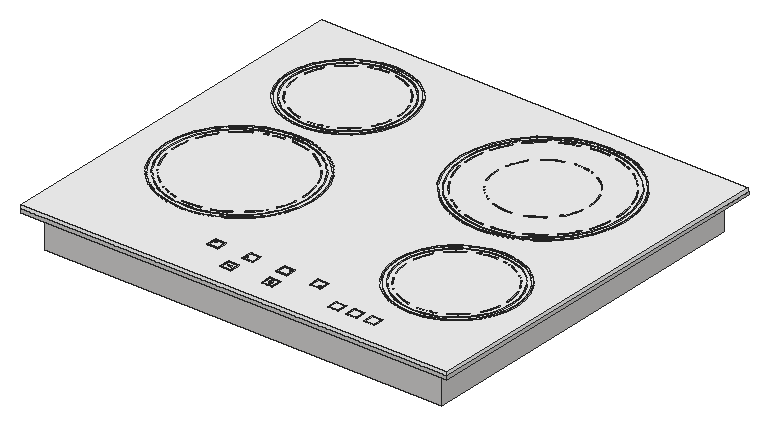
Revit family "QF_Summit_CR4B23T6W_4-Burner Radiant Cooktop", category Specialty Equipment, Revit 2020 (continued)
Automatic sketch dimensions
  curve 152 to curve 152 = 0.02719"
  curve 144 to curve 144 = 0.02706"
  curve 215 to curve 214 = 0.02543"
  curve 166 to plane 8 "Center X" = 0.12675"
  curve 168 to curve 166 = 0.45039"
  curve 166 to plane 8 "Center X" = 0.14529"
  curve 167 to curve 166 = 0.02516"
  curve 151 to curve 108 = 0.26321"
  curve 108 to curve 108 = 0.02389"
  plane 8 "Center X" to curve 172 = 0.23731"
  curve 165 to curve 172 = 0.28343"
  plane 8 "Center X" to curve 172 = 0.21522"
  curve 171 to curve 172 = 0.0221"
  curve 143 to curve 142 = 0.58664"
  curve 141 to curve 142 = 0.02218"  (x2)
  curve 213 to curve 216 = 0.71941"
  curve 215 to curve 216 = 0.01878"
  curve 143 to curve 140 = 0.37561"
  plane 12 to curve 106 = 1.466"
  curve 108 to curve 106 = 23/32"
  curve 137 to curve 140 = 0.01557"
  plane 12 to curve 106 = 1.49317"
  curve 106 to curve 106 = 0.01545"
  curve 213 to curve 210 = 0.35424"
  plane 8 "Center X" to curve 170 = 0.84417"
  curve 172 to curve 170 = 0.76462"
  curve 211 to curve 210 = 0.01545"
  plane 8 "Center X" to curve 170 = 0.81696"
  plane 12 to curve 112 = 1.28316"
  curve 105 to curve 112 = 0.37419"
  plane 12 to curve 112 = 1.3124"
  curve 111 to curve 112 = 0.01102"
  plane 8 "Center X" to curve 176 = 1.0621"
  curve 169 to curve 176 = 0.44547"
  plane 8 "Center X" to curve 176 = 1.03295"
  curve 175 to curve 176 = 0.01127"
  curve 139 to curve 138 = 0.8663"
  curve 137 to curve 138 = 0.00555"
  curve 209 to curve 212 = 0.92725"
  curve 211 to curve 212 = 0.00703"
  curve 108 to curve 151 = 2.07823"
  curve 112 to curve 110 = 0.99423"
  curve 139 to curve 136 = 0.52607"
  curve 209 to curve 206 = 0.45775"
  curve 207 to curve 206 = 0.00288"
  plane 8 "Center X" to curve 174 = 1.28287"
  curve 173 to curve 174 = 0.93114"
  plane 8 "Center X" to curve 174 = 1.25175"
  plane 12 to curve 116 = 1.17389"
  curve 109 to curve 116 = 0.40665"
  plane 12 to curve 116 = 1.14305"
  curve 113 to curve 116 = 0.00508"
  plane 8 "Center X" to curve 180 = 1.2638"
  curve 173 to curve 180 = 0.44627"
  plane 8 "Center X" to curve 180 = 1.29503"
  curve 180 to curve 180 = 0.00117"
  plane 8 "Center X" to curve 134 = 3.2295"
  curve 135 to curve 134 = 0.92874"
  curve 134 to curve 134 = 0.01117"
  curve 205 to curve 208 = 0.97504"
  curve 208 to curve 208 = 0.0059"
  plane 8 "Center X" to curve 132 = 3.40257"
  curve 135 to curve 132 = 0.36727"
  plane 8 "Center X" to curve 132 = 3.37537"
  curve 132 to curve 132 = 0.01539"
  plane 12 to curve 114 = 1.52189"
  curve 116 to curve 114 = 0.9513"
  plane 12 to curve 114 = 1.49506"
  curve 205 to curve 202 = 0.42312"
  curve 202 to curve 202 = 0.00972"
  plane 8 "Center X" to curve 178 = 1.08198"
  plane 8 "Center X" to curve 178 = 1.11157"
  plane 12 to curve 120 = 1.75564"
  curve 114 to curve 120 = 0.3324"
  plane 12 to curve 120 = 1.73344"
  curve 117 to curve 120 = 0.0222"
  plane 8 "Center X" to curve 184 = 239/256"
  curve 177 to curve 184 = 0.36677"
  plane 8 "Center X" to curve 184 = 0.96184"
  curve 181 to curve 184 = 0.01335"
  plane 8 "Center X" to curve 130 = 4.02179"
  plane 8 "Center X" to curve 130 = 3.99961"
  plane 12 to curve 118 = 2.5023"
  curve 131 to curve 128 = 0.28038"
  plane 12 to curve 118 = 2.48674"
  curve 128 to curve 128 = 0.02717"
  curve 201 to curve 204 = 0.86846"
  curve 201 to curve 204 = 0.01754"
  curve 118 to curve 124 = 0.17875"
  curve 124 to curve 124 = 0.02915"
  curve 127 to curve 126 = 0.31792"
  curve 126 to curve 126 = 0.03082"
  curve 127 to curve 122 = 0.03692"
  curve 122 to curve 122 = 1/32"
  curve 201 to curve 198 = 0.38138"
  curve 198 to curve 198 = 0.02212"  (x2)
  plane 8 "Center X" to curve 182 = 0.33864"
  plane 8 "Center X" to curve 182 = 0.36075"
  plane 8 "Center X" to curve 188 = 0.02885"
  curve 181 to curve 188 = 0.2947"
  plane 8 "Center X" to curve 188 = 0.04895"
  curve 185 to curve 188 = 0.02393"
  curve 204 to curve 3 = 0.89342"
  curve 2 to curve 5 = 1/32"
  curve 197 to curve 200 = 0.63359"
  curve 5 to curve 10 = 0.09103"
  curve 197 to curve 200 = 0.02668"
  curve 197 to curve 194 = 0.20872"
  curve 186 to plane 8 "Center X" = 0.82369"
  curve 193 to curve 194 = 0.02856"
  curve 186 to plane 8 "Center X" = 0.81127"
  curve 192 to plane 8 "Center X" = 1.14806"
  curve 185 to curve 192 = 0.12166"
  curve 192 to plane 8 "Center X" = 1.13856"
  curve 189 to curve 192 = 0.02977"
  curve 7 to curve 7 = 0.51169"
  curve 5 to curve 2 = 1/32"
  curve 193 to curve 196 = 0.26761"
  curve 193 to curve 190 = 0.03036"
  curve 193 to curve 196 = 0.03098"
  plane 13 to curve 22 = 0.51456"
  curve 1 to curve 22 = 1.04864"
  curve 22 to curve 25 = 1/32"  (x2)
  curve 25 to curve 30 = 0.15631"
  curve 21 to curve 11 = 0.27055"
  curve 11 to curve 18 = 1/32"  (x2)
  curve 30 to curve 32 = 0.19906"
  curve 15 to curve 20 = 0.09103"
  curve 31 to curve 28 = 0.15631"
  curve 27 to curve 23 = 1/32"
  curve 20 to curve 17 = 0.42066"
  curve 17 to curve 13 = 1/32"
  plane 7 "Center Y" to curve 33 = 0.47624"
  curve 33 to curve 37 = 1/32"
  curve 34 to curve 56 = 0.1233"
  curve 53 to curve 60 = 1/32"
  curve 57 to curve 72 = 0.15631"
  plane 7 "Center Y" to curve 266 = 0.80694"
  curve 266 to curve 266 = 0.0313"
  curve 61 to curve 62 = 0.07379"
  curve 71 to curve 70 = 0.07379"
  curve 267 to curve 272 = 0.0255"
  plane 7 "Center Y" to curve 268 = 0.88165"
  curve 272 to curve 272 = 0.03076"
  curve 268 to curve 268 = 0.03062"
  curve 70 to curve 67 = 0.05148"
  curve 62 to curve 63 = 0.05148"
  curve 37 to curve 42 = 0.42066"
  curve 67 to curve 67 = 0.07379"
  curve 268 to curve 262 = 0.07411"
  curve 262 to curve 262 = 0.02981"
  curve 42 to curve 38 = 0.09103"
  curve 38 to curve 33 = 1/32"  (x2)
  curve 68 to curve 58 = 0.2301"
  curve 271 to curve 270 = 0.27578"
  curve 58 to curve 55 = 1/32"
  curve 270 to curve 270 = 0.02839"
  curve 271 to curve 276 = 0.16672"
  curve 276 to curve 276 = 0.02689"
  curve 262 to curve 264 = 0.41422"
  curve 261 to curve 264 = 0.02639"
  curve 263 to curve 258 = 0.21971"
  curve 258 to curve 258 = 0.02449"
  curve 274 to plane 14 = 0.78734"
  curve 273 to curve 274 = 0.0221"  (x2)
  curve 43 to plane 14 = 0.50049"
  curve 300 to plane 14 = 0.48479"
  curve 43 to curve 47 = 1/32"
  curve 297 to curve 300 = 1/32"
  curve 294 to plane 14 = 0.4298"
  curve 280 to plane 14 = 0.40366"
  curve 294 to curve 294 = 0.03056"
  curve 280 to curve 280 = 0.02231"
  curve 260 to plane 14 = 0.38011"
  curve 257 to curve 260 = 0.02234"
  curve 298 to plane 14 = 0.29817"
  curve 298 to curve 298 = 0.02893"
  curve 51 to plane 14 = 0.04858"
  curve 304 to plane 14 = 0.02306"
  plane 14 to curve 304 = 0.00246"
  plane 14 to curve 296 = 0.01706"
  curve 293 to curve 296 = 0.02503"
  plane 14 to curve 50 = 0.04245"
  plane 14 to curve 254 = 0.06051"
  curve 48 to curve 46 = 1/32"
  curve 253 to curve 254 = 0.01525"
  plane 14 to curve 330 = 0.37752"
  curve 330 to curve 330 = 0.02215"
  plane 14 to curve 278 = 0.4584"
  curve 277 to curve 278 = 0.01218"
  plane 14 to curve 302 = 0.78047"
  curve 302 to curve 302 = 0.01557"
  curve 279 to curve 284 = 0.42076"
  curve 281 to curve 284 = 0.00884"
  plane 14 to curve 256 = 0.98175"
  curve 256 to curve 256 = 0.00815"
  curve 303 to curve 308 = 0.444"
  curve 308 to curve 308 = 0.00988"
  plane 14 to curve 73 = 1.28703"
  curve 330 to curve 332 = 0.90111"
  curve 329 to curve 332 = 0.00913"
  curve 73 to curve 77 = 1/32"
  curve 255 to curve 250 = 0.44633"
  curve 250 to curve 250 = 0.00464"
  plane 14 to curve 388 = 1.5328"
  curve 385 to curve 388 = 1/32"
  curve 388 to curve 344 = 0.00591"
  curve 344 to curve 344 = 0.03082"
  curve 387 to curve 386 = 0.13745"
  curve 386 to curve 386 = 0.02933"
  curve 331 to curve 328 = 0.46961"
  curve 325 to curve 328 = 0.0032"
  curve 77 to curve 80 = 0.51169"
  curve 78 to curve 76 = 1/32"
  curve 344 to curve 342 = 0.28895"
  curve 387 to curve 384 = 0.16974"
  curve 343 to curve 342 = 0.02719"
  curve 381 to curve 384 = 0.02706"
  curve 283 to curve 282 = 1.07075"
  plane 14 to curve 263 = 2.03748"
  curve 341 to curve 348 = 0.26321"
  curve 347 to curve 348 = 0.02389"
  curve 74 to curve 82 = 0.42602"
  curve 81 to curve 85 = 1/32"  (x2)
  curve 307 to curve 306 = 1.0758"
  curve 307 to curve 306 = 0.00362"
  plane 8 "Center X" to curve 288 = 0.73938"
  curve 283 to curve 288 = 0.42462"
  plane 8 "Center X" to curve 288 = 0.70825"
  curve 287 to curve 288 = 0.00278"
  plane 12 to curve 252 = 0.88589"
  curve 250 to curve 252 = 1.01449"
  plane 12 to curve 252 = 0.85481"
  curve 251 to curve 252 = 0.00325"
  curve 383 to curve 382 = 0.58664"
  curve 381 to curve 382 = 0.02218"  (x2)
  curve 327 to curve 326 = 1.03588"
  curve 327 to curve 326 = 0.0098"
  curve 85 to curve 88 = 0.51169"
  curve 86 to curve 83 = 1/32"
  plane 12 to curve 246 = 0.95195"
  curve 251 to curve 246 = 0.41779"
  curve 307 to curve 312 = 0.55362"
  plane 12 to curve 246 = 0.92139"
  curve 246 to curve 246 = 0.0065"
  curve 311 to curve 312 = 0.01326"
  curve 383 to curve 380 = 0.37561"
  curve 346 to plane 8 "Center X" = 1.55025"
  curve 348 to curve 346 = 23/32"
  curve 377 to curve 380 = 0.01557"
  curve 346 to plane 8 "Center X" = 1.57741"
  curve 346 to curve 346 = 0.01545"
  curve 327 to curve 322 = 0.43582"
  curve 82 to curve 90 = 0.3994"
  curve 322 to curve 322 = 0.01526"
  curve 89 to curve 93 = 1/32"  (x2)
  curve 352 to plane 8 "Center X" = 1.3674"
  curve 345 to curve 352 = 0.37419"
  curve 352 to plane 8 "Center X" = 1.39665"
  curve 352 to curve 352 = 0.01102"
  plane 8 "Center X" to curve 286 = 0.97947"
  curve 287 to curve 286 = 1.05353"
  plane 8 "Center X" to curve 286 = 0.95021"
  curve 311 to curve 310 = 0.85034"
  curve 311 to curve 310 = 0.02211"
  curve 379 to curve 378 = 0.8663"
  curve 377 to curve 378 = 0.00555"
  curve 93 to curve 95 = 0.51169"
  plane 8 "Center X" to curve 292 = 1.14413"
  curve 287 to curve 292 = 0.37855"
  curve 95 to curve 90 = 1/32"
  plane 8 "Center X" to curve 292 = 1.11615"
  curve 292 to curve 292 = 0.01392"
  plane 12 to curve 248 = 1.3002"
  plane 12 to curve 248 = 1.27234"
  curve 322 to curve 324 = 0.79708"
  curve 324 to curve 324 = 0.02526"
  curve 311 to curve 316 = 0.34754"
  curve 316 to curve 316 = 0.02243"  (x2)
  plane 12 to curve 242 = 1.50739"
  curve 248 to curve 242 = 0.36026"
  plane 12 to curve 242 = 1.48114"
  curve 242 to curve 242 = 0.01696"
  curve 382 to curve 377 = 1.74579"
  curve 323 to curve 318 = 0.24832"
  curve 352 to curve 350 = 0.99423"
  curve 379 to curve 376 = 0.52607"
  curve 318 to curve 318 = 0.02838"
  curve 315 to curve 314 = 0.42088"
  curve 315 to curve 320 = 0.03038"
  curve 314 to curve 314 = 0.03086"
  curve 320 to curve 320 = 1/32"
  plane 8 "Center X" to curve 290 = 1.73443"
  curve 356 to plane 8 "Center X" = 1.25813"
  curve 349 to curve 356 = 0.40665"
  plane 8 "Center X" to curve 290 = 1.71229"
  curve 356 to plane 8 "Center X" = 1.2273"
  curve 356 to curve 356 = 0.00508"
  plane 12 to curve 244 = 2.19077"
  plane 12 to curve 244 = 2.16865"
  curve 375 to curve 374 = 0.92874"
  curve 374 to curve 374 = 0.01117"
  curve 244 to curve 238 = 0.2889"
  curve 238 to curve 238 = 0.02545"
  curve 375 to curve 372 = 0.36727"
  curve 372 to curve 372 = 0.01539"
  curve 354 to plane 8 "Center X" = 1.60614"
  curve 356 to curve 354 = 0.9513"
  curve 354 to plane 8 "Center X" = 1.5793"
  curve 314 to curve 232 = 1.25138"
  curve 232 to curve 232 = 0.0291"
  curve 238 to curve 240 = 0.52169"
  curve 240 to curve 240 = 0.02951"
  curve 240 to curve 234 = 0.09098"
  curve 234 to curve 234 = 0.03021"
  curve 353 to curve 358 = 0.3324"
  curve 358 to curve 358 = 0.0222"
  curve 231 to curve 230 = 0.24989"
  curve 231 to curve 236 = 0.02592"
  curve 230 to curve 230 = 0.03105"
  curve 235 to curve 236 = 1/32"
  curve 371 to curve 370 = 0.74406"
  curve 370 to curve 370 = 0.02218"
  curve 358 to curve 360 = 0.63177"
  curve 371 to curve 368 = 0.28038"
  curve 360 to curve 360 = 0.0271"
  curve 367 to curve 368 = 0.02717"
  curve 359 to curve 362 = 0.17875"
  curve 362 to curve 362 = 0.02915"
  curve 367 to curve 366 = 0.31792"
  curve 366 to curve 366 = 0.03082"
  curve 367 to curve 364 = 0.03692"
  curve 364 to curve 364 = 1/32"
  plane 13 to curve 53 = 0.51456"
  curve 53 to curve 57 = 1/32"
  plane 13 to curve 90 = 0.63175"
  plane 13 to curve 73 = 0.63175"
  curve 83 to curve 89 = 0"
  curve 74 to curve 80 = 1/32"
  curve 59 to curve 63 = 0.15718"
  curve 62 to curve 72 = 0.07379"
  curve 61 to curve 64 = 0"
  curve 25 to curve 31 = 0.23097"
  curve 31 to curve 29 = 0.05148"
  curve 64 to curve 68 = 0.05148"
  curve 70 to curve 67 = 0"
  curve 70 to curve 69 = 0.07379"
  curve 29 to curve 26 = 0.23097"
  curve 69 to curve 57 = 0.15718"
  curve 26 to curve 24 = 1/32"
  curve 57 to curve 53 = 1/32"
  curve 87 to curve 87 = 0.51343"
  curve 77 to curve 77 = 0.51343"
  curve 95 to curve 95 = 0.51343"
  curve 86 to curve 84 = 1/32"
  curve 77 to curve 73 = 1/32"
  curve 94 to curve 91 = 1/32"
  curve 73 to curve 45 = 0.44885"
  curve 21 to curve 4 = 0.56604"
  curve 53 to curve 34 = 0.56604"
  curve 21 to curve 11 = 0.56604"
  curve 3 to curve 8 = 1/32"
  curve 35 to curve 39 = 1/32"
  curve 43 to curve 50 = 1/32"
  curve 15 to curve 20 = 0.09143"
  curve 49 to curve 51 = 0.09143"
  curve 39 to curve 41 = 0.42547"
  curve 7 to curve 9 = 0.42547"
  curve 9 to curve 8 = 0.08796"
  curve 42 to curve 37 = 0.08796"
  curve 17 to curve 17 = 0.51343"
  curve 47 to curve 47 = 0.51343"
  curve 15 to curve 11 = 1/32"
  curve 47 to curve 43 = 1/32"
  curve 5 to curve 1 = 1/32"
  curve 91 to curve 376 = 1.72696"
  curve 373 to curve 376 = 1/32"
  curve 376 to curve 378 = 0.01211"
  curve 377 to curve 378 = 0.03075"
  curve 375 to curve 372 = 0.14587"
  curve 369 to curve 372 = 0.0272"
  curve 380 to curve 382 = 0.25089"
  curve 206 to curve 165 = 3.48511"
  curve 207 to curve 206 = 0.03112"
  curve 206 to curve 212 = 0.04368"
  curve 211 to curve 212 = 0.03045"
  curve 205 to curve 202 = 0.07975"
  curve 203 to curve 202 = 0.0297"
  curve 371 to curve 368 = 0.38808"
  curve 365 to curve 368 = 0.01544"
  curve 210 to curve 216 = 0.21764"
  curve 215 to curve 216 = 0.02498"
  curve 384 to curve 386 = 0.40933"
  curve 201 to curve 198 = 0.27751"
  curve 339 to curve 364 = 0.02903"
  curve 214 to curve 220 = 0.32964"
  curve 219 to curve 220 = 0.01506"
  curve 197 to curve 194 = 0.38584"
  curve 194 to curve 194 = 0.01267"
  curve 388 to curve 344 = 0.50377"
  curve 344 to curve 344 = 0.00516"
  curve 363 to curve 360 = 0.37489"
  curve 360 to curve 360 = 0.01557"
  curve 162 to curve 159 = 0.26554"
  curve 161 to curve 162 = 0.00237"
  curve 282 to curve 288 = 0.04669"
  curve 281 to curve 282 = 1/32"
  curve 284 to curve 278 = 1/8"
  curve 277 to curve 278 = 0.02878"
  curve 280 to curve 274 = 0.32939"
  curve 288 to curve 306 = 1.4969"
  curve 306 to curve 306 = 0.03104"
  curve 307 to curve 312 = 0.10136"
  curve 312 to curve 312 = 0.02844"
  curve 308 to curve 302 = 0.17646"
  curve 302 to curve 302 = 0.02709"
  curve 136 to curve 136 = 1/32"
  curve 276 to curve 270 = 0.35624"
  curve 136 to curve 138 = 0.01211"
  curve 270 to curve 270 = 0.01305"
  curve 137 to curve 138 = 0.03075"
  curve 232 to curve 227 = 1.47471"
  curve 229 to curve 232 = 0.01138"
  curve 311 to curve 316 = 0.37548"
  curve 140 to curve 142 = 0.25089"
  curve 304 to curve 298 = 0.48399"
  curve 131 to curve 128 = 0.38808"
  curve 125 to curve 128 = 0.01544"
  curve 266 to curve 227 = 0.23747"
  curve 228 to curve 236 = 0.02507"
  curve 315 to curve 320 = 0.4439"
  curve 144 to curve 146 = 0.40933"
  curve 300 to curve 294 = 0.46777"
  curve 295 to curve 294 = 0.00652"
  curve 103 to curve 122 = 0.02903"
  curve 268 to curve 262 = 0.40217"
  curve 262 to curve 262 = 0.00937"
  curve 235 to curve 240 = 0.29723"
  curve 240 to curve 240 = 0.0103"
  curve 319 to curve 324 = 0.42295"
  curve 148 to curve 150 = 0.50377"
  curve 151 to curve 150 = 0.00516"
  curve 324 to curve 324 = 0.0184"
  curve 296 to curve 330 = 0.38554"
  curve 331 to curve 330 = 0.02215"
  curve 323 to curve 326 = 0.1918"
  curve 326 to curve 326 = 0.02967"
  curve 263 to curve 258 = 0.34355"
  curve 259 to curve 258 = 0.01942"
  curve 259 to curve 254 = 0.28049"
  curve 254 to curve 254 = 0.02727"
  curve 153 to curve 162 = 0.53339"
  curve 153 to curve 155 = 1/16"
  curve 155 to curve 158 = 0.2108"
  curve 97 to curve 145 = 0.52349"
  curve 157 to curve 160 = 1/32"
  curve 97 to curve 100 = 1/16"
  curve 99 to curve 101 = 0.21044"
  curve 101 to curve 104 = 1/32"
  curve 9 to curve 9 = 0.07011"
  curve 19 to curve 19 = 0.07011"
  plane 7 "Center Y" to curve 221 = 0.31648"
  curve 221 to curve 223 = 1/16"
  curve 223 to curve 225 = 0.1915"
  curve 225 to curve 227 = 1/32"
  curve 42 to curve 41 = 0.07011"
  curve 52 to curve 51 = 0.07011"
  curve 334 to curve 388 = 0.52349"
  curve 333 to curve 336 = 1/16"
  curve 335 to curve 338 = 0.21044"
  curve 337 to curve 340 = 1/32"
  radius of Extrusion 5 sketch curve = 1/4"
  radius of Extrusion 1 sketch curve = 3"  (x2)
  radius of Extrusion 1 sketch curve = 3.27294"  (x2)
  radius of Extrusion 1 sketch curve = 3.21044"  (x2)
  radius of Extrusion 1 sketch curve = 2 31/32"  (x2)
  radius of Extrusion 1 sketch curve = 3 3/4"
  radius of Extrusion 1 sketch curve = 3 23/32"
  radius of Extrusion 1 sketch curve = 4.0233"
  radius of Extrusion 1 sketch curve = 3.9608"
  radius of Extrusion 1 sketch curve = 4.2795"
  radius of Extrusion 1 sketch curve = 4.24825"
  radius of Extrusion 1 sketch curve = 4.53349"
  radius of Extrusion 1 sketch curve = 4.47099"
  radius of Extrusion 1 sketch curve = 0.07011"  (x4)
Connectors (in)
  electrical at (14.4375, -0.375, 1.03125), driven by "Volts", driven by "Watts"
    settings: on Extrusion 5, index 1, voltage 230 V, apparent load 6900 VA, apparent load phase1 0 VA, apparent load phase2 0 VA, apparent load phase3 0 VA, power factor 1, load classification "Other", number of poles 1, system type 30, power factor state 1, is connector primary yes, connector utility no, sub classification motor no, connector description "Electrical Connection"
